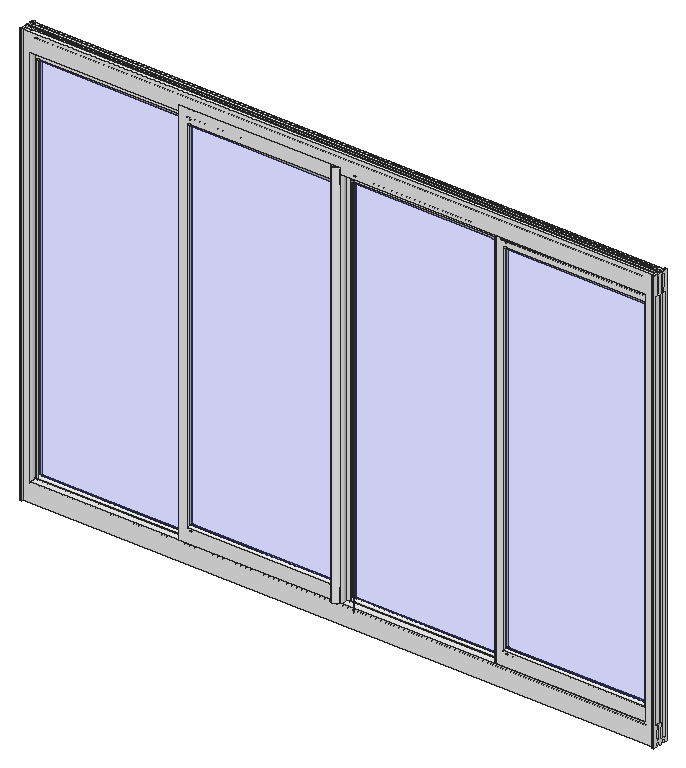
Revit family "DAL_A3-AGI-Sliding-Patio-With-Side-Panels-(4-Panels)3000mm", category Doors, host Wall, Revit 2016
Family settings
  Host = Wall
  Always vertical = Yes
  Cut with Voids When Loaded = No
  Shared = No
  Room Calculation Point = No
Parameters (values of type "AGI sliding patio with side panels (4 panels) 3000mm")
  URL = "http://www.agi.co.za/patioDoor1.htm"
  Panel 2 Width = (Width / 4) + 10 mm  # 760 mm
  Panel 2 Hieght = Height - 154 mm  # 1846 mm
  Panel 1 heigth = Height - 89 mm  # 1911 mm
  Panel 1 Width = Width / 4  # 750 mm
  Manufacturer = "AGI"
  Function = Interior
  Frame material = none
  Frame Projection Ext. = 25 mm
  Frame Projection Int. = 25 mm
  Frame Width = 75 mm
  Height = 2000 mm
  Wall Closure = By host
  Width = 3000 mm
Reference planes
  plane 1 "Centre(Exterior/Interior)": y = 0
  plane 2 "Center (Left/Right)": x = 0
  plane 3 "Left": x = -1500
  plane 4 "Right": x = 1500
  plane 5 "Top": z = 2000
  plane 6 "Exterior": y = 75
  plane 7 "Interior": y = -75
  plane 8: z = 25
  plane 9 "Panel top": z = 1936.037
  plane 10: x = -1490
  plane 11: x = 1490
  plane 12: z = 90
  plane 13: x = -750
  plane 14: x = 750
Forms (mm)
  Sweep 1, solid, material <- "Frame material", detail levels medium+fine
    path origin (0, 0, 0) x (1, 0, 0) y (0, 0, 1)
      loop
        line (1500, 0) -> (-1500, 0)
    profile "AGI SLIDING PATIO Base frame profile : AGI SLIDING PATIO Base frame profile" origin (0, 0, 0) x (0, 0, -1) y (0, -1, 0)
      loop
        line (-90, 32.5) -> (-90, -2.5) -> (-73.55, -2.5) -> (-73.55, 2.5) -> (-86, 2.5) -> (-86, 4.847) -> (-23.5, 4.847) -> (-23.5, -1) -> (-12.362, -1) -> (-12.362, 1) -> (-21, 1) -> (-21, 21.5) -> (-33.87, 21.5) -> (-33.87, 19) -> (-23.5, 19) -> (-23.5, 7.347) -> (-86, 7.347) -> (-86, 19) -> (-73.55, 19) -> (-65.757, 26.793) -> (-69.293, 26.793) -> (-74.586, 21.5) -> (-86, 21.5) -> (-86, 32.5) -> (-90, 32.5)
      loop
        line (-2, 22.5) -> (0, 22.5) -> (0, 32.5) -> (-85, 32.5) -> (-85, 22.5) -> (-75, 22.5) -> (-70, 27.5) -> (-20, 27.5) -> (-20, 3.847) -> (-18.194, 3.847)
        arc (-18.194, 3.847) -> (-10, 0) -> (-18.194, -3.847) r 5
        line (-18.194, -3.847) -> (-20, -3.847) -> (-19.131, -17.639) -> (-25, -17.639) -> (-25, -19.673) -> (-19.003, -19.673) -> (-18.352, -30) -> (-2, -30) -> (-2, -32.5) -> (0, -32.5) -> (0, -25) -> (-13.657, -25) -> (-14.603, -9.992)
        arc (-14.603, -9.992) -> (-8.146, -7.281) -> (-5.05, -1) r 10
        line (-5.05, -1) -> (0, -1) -> (0, 1) -> (-5.05, 1)
        arc (-5.05, 1) -> (-8.292, 7.416) -> (-15, 10) r 10
        line (-15, 10) -> (-15, 27.5) -> (-2, 27.5) -> (-2, 22.5)
  Sweep 2, solid, material <- "Frame material", detail levels medium+fine
    path origin (0, 0, 0) x (1, 0, 0) y (0, 0, 1)
      loop
        line (1500, 2000) -> (1500, 0)
    profile "AGI SLIDING PATIO side frame profile : AGI SLIDING PATIO side frame profile" origin (1500, 0, 1000) x (1, 0, 0) y (0, -1, 0)
      loop
        line (-10, -32.5) -> (-10, -37.5) -> (0, -37.5) -> (0, -32.5) -> (-2, -32.5) -> (-2, -35.5) -> (-5, -35.5) -> (-5, -11.015) -> (-2, -11.015) -> (-2, -6.015) -> (-5, -6.015) -> (-5, -2.5) -> (-2, -2.5) -> (-2, 2.5) -> (-5, 2.5) -> (-5, 35.5) -> (-2, 35.5) -> (-2, 32.5) -> (0, 32.5) -> (0, 37.5) -> (-10, 37.5) -> (-10, 32.5) -> (-40, 32.5) -> (-40, 27.5) -> (-10, 27.5) -> (-10, 2) -> (-8, 2) -> (-8, -2) -> (-10, -2) -> (-10, -27.5) -> (-37.71, -27.5) -> (-37.71, -26.5) -> (-11, -26.5) -> (-11, -24.5) -> (-36.319, -24.5)
        arc (-36.319, -24.5) -> (-38.09, -14) -> (-36.319, -3.5) r 32.018
        line (-36.319, -3.5) -> (-30.069, -3.5) -> (-30.069, -1) -> (-9, -1) -> (-9, 1) -> (-40, 1)
        arc (-40, 1) -> (-42.935, -15.75) -> (-40, -32.5) r 49.268
        line (-40, -32.5) -> (-10, -32.5)
  Sweep 3, solid, material <- "Frame material", detail levels medium+fine
    path origin (0, 0, 0) x (1, 0, 0) y (0, 0, 1)
      loop
        line (-1500, 2000) -> (1500, 2000)
    profile "AGI SLIDING PATIO Top frame profile : AGI SLIDING PATIO Top frame profile" origin (0, 0, 2000) x (0, 0, 1) y (0, -1, 0)
      loop
        line (0, 1.5) -> (-5, 1.5) -> (-5, 27.5) -> (-2, 27.5) -> (-2, 22.5) -> (0, 22.5) -> (0, 32.5) -> (-90, 32.5) -> (-90, 22.5) -> (-75, 22.5) -> (-75, 27.5) -> (-10, 27.5) -> (-10, 1.5) -> (-27.652, 1.5)
        arc (-27.652, 1.5) -> (-28.663, 4.011) -> (-30.5, 6) r 7.5
        line (-30.5, 6) -> (-27.08, 6) -> (-27.08, 2.18) -> (-11, 8) -> (-88, 8) -> (-88, 19.5) -> (-11, 19.5) -> (-27.08, 26.5) -> (-27.08, 21.5) -> (-90, 21.5) -> (-90, 6) -> (-39.5, 6)
        arc (-39.5, 6) -> (-41.337, 4.011) -> (-42.348, 1.5) r 7.5
        line (-42.348, 1.5) -> (-75, 1.5) -> (-75, 5) -> (-90, 5) -> (-90, -5) -> (-75, -5) -> (-75, -1.5) -> (-42.348, -1.5)
        arc (-42.348, -1.5) -> (-41.321, -4.036) -> (-39.453, -6.035) r 7.5
        line (-39.453, -6.035) -> (-36.781, -2.414)
        arc (-36.781, -2.414) -> (-35, 3) -> (-33.219, -2.414) r 3
        line (-33.219, -2.414) -> (-30.547, -6.035)
        arc (-30.547, -6.035) -> (-28.679, -4.036) -> (-27.652, -1.5) r 7.5
        line (-27.652, -1.5) -> (-10, -1.5) -> (-10, -27.5) -> (-75, -27.5) -> (-75, -22.5) -> (-90, -22.5) -> (-90, -32.5) -> (0, -32.5) -> (0, -22.5) -> (-2, -22.5) -> (-2, -27.5) -> (-5, -27.5) -> (-5, -1.5) -> (0, -1.5) -> (0, 1.5)
  Sweep 4, solid, material <- "Frame material", detail levels medium+fine
    path origin (0, 0, 0) x (1, 0, 0) y (0, 0, 1)
      loop
        line (-1500, 2000) -> (-1500, 0)
    profile "AGI SLIDING PATIO side frame profile : AGI SLIDING PATIO side frame profile" origin (-1500, 0, 1000) x (1, 0, 0) y (0, -1, 0)
      loop
        line (10, 32.5) -> (10, 37.5) -> (0, 37.5) -> (0, 32.5) -> (2, 32.5) -> (2, 35.5) -> (5, 35.5) -> (5, 11.015) -> (2, 11.015) -> (2, 6.015) -> (5, 6.015) -> (5, 2.5) -> (2, 2.5) -> (2, -2.5) -> (5, -2.5) -> (5, -35.5) -> (2, -35.5) -> (2, -32.5) -> (0, -32.5) -> (0, -37.5) -> (10, -37.5) -> (10, -32.5) -> (40, -32.5) -> (40, -27.5) -> (10, -27.5) -> (10, -2) -> (8, -2) -> (8, 2) -> (10, 2) -> (10, 27.5) -> (37.71, 27.5) -> (37.71, 26.5) -> (11, 26.5) -> (11, 24.5) -> (36.319, 24.5)
        arc (36.319, 24.5) -> (38.09, 14) -> (36.319, 3.5) r 32.018
        line (36.319, 3.5) -> (30.069, 3.5) -> (30.069, 1) -> (9, 1) -> (9, -1) -> (40, -1)
        arc (40, -1) -> (42.935, 15.75) -> (40, 32.5) r 49.268
        line (40, 32.5) -> (10, 32.5)
Cuts and joins
  joined: Sweep 1, Sweep 2, Sweep 3, Sweep 4
Lines and regions (mm)
  Opening 1
    outline origin (-3050, -75, 0) x (1, 0, 0) y (0, 0, 1)
      loop
        line (1550, 0) -> (4550, 0) -> (4550, 2000) -> (1550, 2000) -> (1550, 0)
  symbolic lines, style "Overhead line", detail levels coarse
    curve 1: line (-1500, 75, 0) -> (1500, 75, 0)
    curve 2: line (1500, -75, 0) -> (-1500, -75, 0)
  symbolic lines, style "DoorsPanelProjection"
    curve 3: line (-370, -75, 1074.44) -> (-575.98, -75, 1074.44)
    curve 4: line (-575.98, -75, 1074.44) -> (-547.696, -75, 1102.724)
    curve 5: line (-575.98, -75, 1074.44) -> (-547.696, -75, 1046.156)
    curve 6: line (370, -75, 1074.44) -> (232.5, -75, 1074.44)
  symbolic lines, style "Plan Swing"
    curve 7: line (148.819, -21.993, 0) -> (248.819, -21.993, 0)
    curve 8: line (248.819, -21.993, 0) -> (234.677, -36.135, 0)
    curve 9: line (248.819, -21.993, 0) -> (234.677, -7.851, 0)
    curve 10: line (-510.121, 18.647, 0) -> (-610.121, 18.647, 0)
    curve 11: line (-610.121, 18.647, 0) -> (-595.979, 32.79, 0)
    curve 12: line (-610.121, 18.647, 0) -> (-595.979, 4.505, 0)
  symbolic lines, style "DoorsPanelProjection", detail levels coarse
    curve 13: line (-1500, 14.5, 0) -> (-750, 14.5, 0)
    curve 14: line (-750, -19.5, 0) -> (0, -19.5, 0)
    curve 15: line (0, 19.5, 0) -> (750, 19.5, 0)
    curve 16: line (750, -14.5, 0) -> (1500, -14.5, 0)
  symbolic lines, style "Plan Swing", detail levels coarse
    curve 17: line (370, 0, 1074.44) -> (341.716, 0, 1102.724)
    curve 18: line (370, 0, 1074.44) -> (341.716, 0, 1046.156)
Text (mm)
  text "Exterior" at (-2295.016, 1099.543, 0), in view "Ref. Level"
  text "Exterior" at (0, 1615.38, 3698.081), in view "Left"
  text "Exterior" at (0, 1036.032, 3874.932), in view "Right"
Dimensions and locks
  equal spacing: plane 3 "Left", plane 13, plane 2 "Center (Left/Right)", plane 14, plane 4 "Right"
  "Width": plane 3 "Left" to plane 4 "Right"
  "Height": plane 5 "Top" to host wall
  host wall to plane 5 "Top" = 2000 mm  (x2)
  locked: plane 6 "Exterior" to host wall at 0
  locked: plane 7 "Interior" to host wall
  locked: level to plane 8 at 25
  locked: plane 3 "Left" to plane 10 at 10
  locked: plane 11 to plane 4 "Right" at 10
  locked: level to plane 12 at 90
  aligned and locked: plane 3 "Left" to Opening 1 sketch curve
  aligned and locked: plane 5 "Top" to Opening 1 sketch curve  (x2)
  aligned and locked: Opening 1 sketch curve to plane 4 "Right"
  aligned and locked: Opening 1 sketch curve to level
  aligned and locked: plane 1 "Centre(Exterior/Interior)" to host wall
  aligned and locked: level to Sweep 1 sketch curve
  aligned and locked: plane 4 "Right" to Sweep 1 sketch curve
  aligned and locked: plane 3 "Left" to Sweep 1 sketch curve
  aligned and locked: plane 4 "Right" to Sweep 2 sketch curve
  aligned and locked: plane 5 "Top" to Sweep 2 sketch curve
  aligned and locked: level to Sweep 2 sketch curve
  aligned and locked: plane 5 "Top" to Sweep 3 sketch curve
  aligned and locked: plane 4 "Right" to Sweep 3 sketch curve
  aligned and locked: plane 3 "Left" to Sweep 3 sketch curve
  aligned and locked: plane 3 "Left" to Sweep 4 sketch curve
  aligned and locked: plane 5 "Top" to Sweep 4 sketch curve
  aligned and locked: level to Sweep 4 sketch curve
  aligned and locked: nested 1 to plane 8
  aligned and locked: nested 1 to plane 10
  aligned and locked: plane 3 "Left" to curve 1
  aligned and locked: plane 4 "Right" to curve 1
  aligned and locked: plane 4 "Right" to curve 2
  aligned and locked: curve 2 to plane 7 "Interior"
  aligned and locked: plane 6 "Exterior" to curve 1
  aligned and locked: plane 13 to nested 2
  aligned and locked: nested 3 to plane 11
  aligned and locked: plane 12 to nested 3
  aligned and locked: nested 1 to cut or joined group of Sweep 1, Sweep 2, Sweep 3, Sweep 4
  aligned and locked: nested 3 to cut or joined group of Sweep 1, Sweep 2, Sweep 3, Sweep 4
  aligned and locked: nested 4 to plane 14
  aligned and locked: plane 11 to nested 3
  aligned and locked: plane 10 to nested 1
  aligned and locked: nested 4 to cut or joined group of Sweep 1, Sweep 2, Sweep 3, Sweep 4
  aligned and locked: plane 8 to nested 4
  aligned and locked: nested 2 to plane 12
  aligned and locked: plane 4 "Right" to curve 16
  aligned and locked: plane 14 to curve 16
  aligned and locked: plane 14 to curve 15
  aligned and locked: plane 2 "Center (Left/Right)" to curve 15
  aligned and locked: plane 2 "Center (Left/Right)" to curve 14
  aligned and locked: plane 13 to curve 14
  aligned and locked: plane 13 to curve 13
  aligned and locked: curve 13 to nested 1
  aligned and locked: curve 16 to nested 3
  aligned and locked: nested 4 to curve 15
  aligned and locked: curve 14 to nested 2
  aligned and locked: nested 4 to curve 6
  aligned and locked: nested 2 to curve 3
Automatic sketch dimensions
  curve 2 to plane 3 "Left" = 0 mm
  curve 12 to host wall = 18.647 mm
  plane 13 to curve 12 = 139.879 mm
  curve 11 to host wall = 32.79 mm
  curve 10 to curve 11 = 14.142 mm
  curve 12 to host wall = 4.505 mm
  curve 11 to curve 10 = 85.858 mm
  host wall to curve 7 = 21.993 mm
  plane 2 "Center (Left/Right)" to curve 7 = 148.819 mm
  host wall to curve 8 = 36.135 mm
  curve 7 to curve 8 = 85.858 mm
  host wall to curve 9 = 7.851 mm
  curve 9 to curve 8 = 0 mm
  curve 13 to plane 3 "Left" = 0 mm
  curve 5 to curve 3 = 177.696 mm
  curve 4 to curve 5 = 0 mm
  curve 5 to curve 5 = 28.284 mm  (x2)
  curve 5 to plane 9 "Panel top" = 889.882 mm
  curve 6 to curve 6 = 137.5 mm
  curve 6 to curve 3 = 0 mm
  plane 2 "Center (Left/Right)" to curve 17 = 341.716 mm
  curve 18 to curve 17 = 0 mm
  curve 18 to plane 9 "Panel top" = 889.882 mm
  curve 18 to curve 18 = 28.284 mm
  curve 17 to curve 17 = 28.284 mm
Nested families
  nested 1: "AGI sliding patio side i" at (-972.2, 14.5, 25), type "AGI sliding patio side i", detail levels medium+fine
    with Width 750 mm
  nested 2: "AGI sliding patio side II" at (-512.8, -19.5, 90) x (-1, 0, 0) z (0, 0, 1), type "AGI sliding patio side II", detail levels medium+fine
    with Width 760 mm
  nested 3: "AGI sliding patio side i" at (972.2, -14.5, 90) x (-1, 0, 0) z (0, 0, 1), type "AGI sliding patio side i 2", detail levels medium+fine
    with Width 750 mm, Height 1846 mm
  nested 4: "AGI sliding patio side II" at (512.8, 19.5, 25), type "AGI sliding patio side II 2", detail levels medium+fine
    with Width 760 mm, Height 1911 mm
Definition of nested family "AGI sliding patio side i"
  Parameters
    Width = 375 mm
    Height = 1911 mm
    Glass = none
    Frame = none
    Assembly Code = ""
  Reference planes
    plane 1 "Center (Front/Back)": y = 0
    plane 2: z = 0
    plane 3 "Center (Left/Right)": x = -142.8
    plane 4 "Right": x = 44.7
    plane 5 "Left": x = -330.3
    plane 6: z = 1911
    plane 7: z = 1846
    plane 8: z = 65
    plane 9 "PANEL": y = 2.5
    plane 10: x = -301.3
    plane 11: x = 15.7
  Forms (mm)
    Sweep 1, solid
      path origin (0, 0, 0) x (1, 0, 0) y (0, 1, 0)
        loop
          line (44.7, 0) -> (-330.3, 0)
      profile "AGI panel top & bottom profile : AGI panel top & bottom profile" origin (-142.8, 0, 0) x (0, -1, 0) y (0, 0, 1)
        loop
          line (13, 0) -> (13, 65)
          arc (13, 65) -> (9.925, 72.425) -> (2.5, 75.5) r 10.5
          line (2.5, 75.5) -> (2.5, 65) -> (5, 65) -> (5, 69.899)
          arc (5, 69.899) -> (7.19, 67.872) -> (8, 65) r 5.5
          line (8, 65) -> (8, 54.802) -> (3.867, 54.802)
          arc (3.867, 54.802) -> (0, 56.632) -> (-3.867, 54.802) r 5
          line (-3.867, 54.802) -> (-8, 54.802) -> (-8, 65)
          arc (-8, 65) -> (-7.19, 67.872) -> (-5, 69.899) r 5.5
          line (-5, 69.899) -> (-5, 65) -> (-2.5, 65) -> (-2.5, 75.5)
          arc (-2.5, 75.5) -> (-9.925, 72.425) -> (-13, 65) r 10.5
          line (-13, 65) -> (-13, 0) -> (-5, 0) -> (-5, 5) -> (-8, 5) -> (-8, 49.802) -> (-4.653, 49.802)
          arc (-4.653, 49.802) -> (-3.789, 48.369) -> (-2.5, 47.302) r 5
          line (-2.5, 47.302) -> (-0.948, 49.319)
          arc (-0.948, 49.319) -> (-0.168, 54.126) -> (1.25, 49.467) r 2.5
          line (1.25, 49.467) -> (2.5, 47.302)
          arc (2.5, 47.302) -> (3.789, 48.369) -> (4.653, 49.802) r 5
          line (4.653, 49.802) -> (8, 49.802) -> (8, 5) -> (5, 5) -> (5, 0) -> (13, 0)
    Sweep 2, solid
      path origin (0, 0, 0) x (1, 0, 0) y (0, 0, 1)
        loop
          line (-330.3, 1911) -> (44.7, 1911)
      profile "AGI panel top & bottom profile : AGI panel top & bottom profile" origin (-142.8, 0, 1911) x (0, 0, 1) y (0, -1, 0)
        loop
          line (0, 13) -> (-65, 13)
          arc (-65, 13) -> (-72.425, 9.925) -> (-75.5, 2.5) r 10.5
          line (-75.5, 2.5) -> (-65, 2.5) -> (-65, 5) -> (-69.899, 5)
          arc (-69.899, 5) -> (-67.872, 7.19) -> (-65, 8) r 5.5
          line (-65, 8) -> (-54.802, 8) -> (-54.802, 3.867)
          arc (-54.802, 3.867) -> (-56.632, 0) -> (-54.802, -3.867) r 5
          line (-54.802, -3.867) -> (-54.802, -8) -> (-65, -8)
          arc (-65, -8) -> (-67.872, -7.19) -> (-69.899, -5) r 5.5
          line (-69.899, -5) -> (-65, -5) -> (-65, -2.5) -> (-75.5, -2.5)
          arc (-75.5, -2.5) -> (-72.425, -9.925) -> (-65, -13) r 10.5
          line (-65, -13) -> (0, -13) -> (0, -5) -> (-5, -5) -> (-5, -8) -> (-49.802, -8) -> (-49.802, -4.653)
          arc (-49.802, -4.653) -> (-48.369, -3.789) -> (-47.302, -2.5) r 5
          line (-47.302, -2.5) -> (-49.319, -0.948)
          arc (-49.319, -0.948) -> (-54.126, -0.168) -> (-49.467, 1.25) r 2.5
          line (-49.467, 1.25) -> (-47.302, 2.5)
          arc (-47.302, 2.5) -> (-48.369, 3.789) -> (-49.802, 4.653) r 5
          line (-49.802, 4.653) -> (-49.802, 8) -> (-5, 8) -> (-5, 5) -> (0, 5) -> (0, 13)
    Sweep 3, solid
      path origin (0, 0, 0) x (1, 0, 0) y (0, 0, 1)
        loop
          line (-330.3, 1911) -> (-330.3, 0)
      profile "AGI panel side profile i : AGI panel side profile i" origin (-330.3, 0, 955.5) x (1, 0, 0) y (0, -1, 0)
        loop
          line (0, 13) -> (0, 8) -> (12, 8) -> (12, -8) -> (0, -8) -> (0, -13) -> (40, -13) -> (40, -8) -> (39, -8) -> (39, -2.5) -> (29, -2.5) -> (29, -5) -> (34, -5) -> (34, -8) -> (17, -8) -> (17, 8) -> (34, 8) -> (34, 5) -> (29, 5) -> (29, 2.5) -> (39, 2.5) -> (39, 8) -> (40, 8) -> (40, 13) -> (0, 13)
    Sweep 4, solid
      path origin (0, 0, 0) x (1, 0, 0) y (0, 0, 1)
        loop
          line (44.7, 1911) -> (44.7, 0)
      profile "AGI panel side profile st : AGI panel side profile st" origin (44.7, 0, 955.5) x (1, 0, 0) y (0, -1, 0)
        loop
          line (0.808, 8) -> (-13.241, 8) -> (-12, 6.759) -> (-12, -8) -> (-1.155, -8)
          arc (-1.155, -8) -> (1.377, -0.19) -> (0.808, 8) r 21.581
        loop
          arc (1.595, -13) -> (6.537, 2.438) -> (1.595, 17.875) r 26.581
          line (1.595, 17.875) -> (-12, 17.875) -> (0, 15) -> (0, 13) -> (-40, 13) -> (-40, 8) -> (-39, 8) -> (-39, 2.5) -> (-29, 2.5) -> (-29, 5) -> (-34, 5) -> (-34, 8) -> (-20, 8) -> (-17, 5) -> (-17, -8) -> (-34, -8) -> (-34, -5) -> (-29, -5) -> (-29, -2.5) -> (-39, -2.5) -> (-39, -8) -> (-40, -8) -> (-40, -13) -> (1.595, -13)
    Extrusion 5, solid, material <- "Glass"
      sketch origin (0, 2.5, 0) x (1, 0, 0) y (0, 0, 1)
        loop
          line (-301.3, 65) -> (15.7, 65) -> (15.7, 1846) -> (-301.3, 1846) -> (-301.3, 65)
      from 0 to 5
  Cuts and joins
    joined: Sweep 1, Sweep 2, Sweep 3, Sweep 4
  Dimensions and locks
    equal spacing: plane 5 "Left", plane 3 "Center (Left/Right)", plane 4 "Right"
    "Width": plane 5 "Left" to plane 4 "Right"
    "Height": plane 6 to plane 2
    locked: level to plane 8 at 65
    locked: plane 7 to plane 6 at 65
    locked: plane 5 "Left" to plane 10 at 29
    locked: plane 11 to plane 4 "Right" at 29
    aligned and locked: level to plane 2
    aligned and locked: Sweep 1 sketch curve to plane 1 "Center (Front/Back)"
    aligned and locked: plane 5 "Left" to Sweep 1 sketch curve
    aligned and locked: plane 4 "Right" to Sweep 1 sketch curve
    aligned and locked: Sweep 2 sketch curve to plane 6
    aligned and locked: plane 5 "Left" to Sweep 2 sketch curve
    aligned and locked: plane 4 "Right" to Sweep 2 sketch curve
    aligned and locked: Sweep 3 sketch curve to plane 5 "Left"
    aligned and locked: plane 6 to Sweep 3 sketch curve
    aligned and locked: plane 2 to Sweep 3 sketch curve
    aligned and locked: Sweep 4 sketch curve to plane 4 "Right"
    aligned and locked: plane 6 to Sweep 4 sketch curve
    aligned and locked: plane 2 to Sweep 4 sketch curve
    aligned and locked: Extrusion 5 sketch curve to plane 10
    aligned and locked: Extrusion 5 sketch curve to plane 7
    aligned and locked: Extrusion 5 sketch curve to plane 8
    aligned and locked: Extrusion 5 sketch curve to plane 11
Definition of nested family "AGI sliding patio side II"
  Parameters
    Width = 750 mm
    Height = 1846 mm
    Glass = none
    Frame = none
    Assembly Code = ""
  Reference planes
    plane 1 "Center (Front/Back)": y = 0
    plane 2: z = 0
    plane 3 "Center (Left/Right)": x = -142.8
    plane 4 "Right": x = 232.2
    plane 5 "Left": x = -517.8
    plane 6: z = 1846
    plane 7: z = 1781
    plane 8: z = 65
    plane 9 "PANEL": y = 2.5
    plane 10: x = -488.8
    plane 11: x = 203.2
  Forms (mm)
    Sweep 1, solid
      path origin (0, 0, 0) x (1, 0, 0) y (0, 1, 0)
        loop
          line (232.2, 0) -> (-517.8, 0)
      profile "AGI panel top & bottom profile : AGI panel top & bottom profile" origin (-142.8, 0, 0) x (0, -1, 0) y (0, 0, 1)
        loop
          line (13, 0) -> (13, 65)
          arc (13, 65) -> (9.925, 72.425) -> (2.5, 75.5) r 10.5
          line (2.5, 75.5) -> (2.5, 65) -> (5, 65) -> (5, 69.899)
          arc (5, 69.899) -> (7.19, 67.872) -> (8, 65) r 5.5
          line (8, 65) -> (8, 54.802) -> (3.867, 54.802)
          arc (3.867, 54.802) -> (0, 56.632) -> (-3.867, 54.802) r 5
          line (-3.867, 54.802) -> (-8, 54.802) -> (-8, 65)
          arc (-8, 65) -> (-7.19, 67.872) -> (-5, 69.899) r 5.5
          line (-5, 69.899) -> (-5, 65) -> (-2.5, 65) -> (-2.5, 75.5)
          arc (-2.5, 75.5) -> (-9.925, 72.425) -> (-13, 65) r 10.5
          line (-13, 65) -> (-13, 0) -> (-5, 0) -> (-5, 5) -> (-8, 5) -> (-8, 49.802) -> (-4.653, 49.802)
          arc (-4.653, 49.802) -> (-3.789, 48.369) -> (-2.5, 47.302) r 5
          line (-2.5, 47.302) -> (-0.948, 49.319)
          arc (-0.948, 49.319) -> (-0.168, 54.126) -> (1.25, 49.467) r 2.5
          line (1.25, 49.467) -> (2.5, 47.302)
          arc (2.5, 47.302) -> (3.789, 48.369) -> (4.653, 49.802) r 5
          line (4.653, 49.802) -> (8, 49.802) -> (8, 5) -> (5, 5) -> (5, 0) -> (13, 0)
    Sweep 2, solid
      path origin (0, 0, 0) x (1, 0, 0) y (0, 0, 1)
        loop
          line (-517.8, 1846) -> (232.2, 1846)
      profile "AGI panel top & bottom profile : AGI panel top & bottom profile" origin (-142.8, 0, 1846) x (0, 0, 1) y (0, -1, 0)
        loop
          line (0, 13) -> (-65, 13)
          arc (-65, 13) -> (-72.425, 9.925) -> (-75.5, 2.5) r 10.5
          line (-75.5, 2.5) -> (-65, 2.5) -> (-65, 5) -> (-69.899, 5)
          arc (-69.899, 5) -> (-67.872, 7.19) -> (-65, 8) r 5.5
          line (-65, 8) -> (-54.802, 8) -> (-54.802, 3.867)
          arc (-54.802, 3.867) -> (-56.632, 0) -> (-54.802, -3.867) r 5
          line (-54.802, -3.867) -> (-54.802, -8) -> (-65, -8)
          arc (-65, -8) -> (-67.872, -7.19) -> (-69.899, -5) r 5.5
          line (-69.899, -5) -> (-65, -5) -> (-65, -2.5) -> (-75.5, -2.5)
          arc (-75.5, -2.5) -> (-72.425, -9.925) -> (-65, -13) r 10.5
          line (-65, -13) -> (0, -13) -> (0, -5) -> (-5, -5) -> (-5, -8) -> (-49.802, -8) -> (-49.802, -4.653)
          arc (-49.802, -4.653) -> (-48.369, -3.789) -> (-47.302, -2.5) r 5
          line (-47.302, -2.5) -> (-49.319, -0.948)
          arc (-49.319, -0.948) -> (-54.126, -0.168) -> (-49.467, 1.25) r 2.5
          line (-49.467, 1.25) -> (-47.302, 2.5)
          arc (-47.302, 2.5) -> (-48.369, 3.789) -> (-49.802, 4.653) r 5
          line (-49.802, 4.653) -> (-49.802, 8) -> (-5, 8) -> (-5, 5) -> (0, 5) -> (0, 13)
    Extrusion 3, solid, material <- "Glass"
      sketch origin (0, 2.5, 0) x (1, 0, 0) y (0, 0, 1)
        loop
          line (-488.8, 65) -> (203.2, 65) -> (203.2, 1781) -> (-488.8, 1781) -> (-488.8, 65)
      from 0 to 5
    Sweep 4, solid
      path origin (0, 2.5, 0) x (1, 0, 0) y (0, 0, 1)
        loop
          line (-517.8, 1846) -> (-517.8, 0)
      profile "AGI panel side profile outside : AGI panel side profile outside" origin (-517.8, 2.5, 923) x (1, 0, 0) y (0, -1, 0)
        loop
          line (-0.808, -8) -> (13.241, -8) -> (12, -6.759) -> (12, 8) -> (1.155, 8)
          arc (1.155, 8) -> (-1.377, 0.19) -> (-0.808, -8) r 21.581
        loop
          line (0, -13) -> (40, -13) -> (40, -8) -> (39, -8) -> (39, -2.5) -> (29, -2.5) -> (29, -5) -> (34, -5) -> (34, -8) -> (20, -8) -> (17, -5) -> (17, 8) -> (34, 8) -> (34, 5) -> (29, 5) -> (29, 2.5) -> (39, 2.5) -> (39, 8) -> (40, 8) -> (40, 13)
          arc (40, 13) -> (34.524, 17.653) -> (35.292, 24.797) r 7.681
          arc (35.292, 24.797) -> (35.561, 27.542) -> (33.41, 29.269) r 2.898
          arc (33.41, 29.269) -> (13.321, 26.701) -> (-1.595, 13) r 33.416
          arc (-1.595, 13) -> (-6.537, -2.438) -> (-1.595, -17.875) r 26.581
          line (-1.595, -17.875) -> (12, -17.875) -> (0, -15) -> (0, -13)
        loop
          line (-0.437, 13) -> (37.286, 13)
          arc (37.286, 13) -> (33.195, 18.566) -> (34.463, 25.357) r 8.681
          arc (34.463, 25.357) -> (34.657, 27.114) -> (33.319, 28.269) r 1.899
          arc (33.319, 28.269) -> (14.045, 25.932) -> (-0.437, 13) r 32.416
    Sweep 5, solid
      path origin (0, 2.5, 0) x (1, 0, 0) y (0, 0, 1)
        loop
          line (232.2, 1846) -> (232.2, 0)
      profile "AGI panel side profile st : AGI panel side profile st" origin (232.2, 2.5, 923) x (1, 0, 0) y (0, -1, 0)
        loop
          arc (0.808, -5.5) -> (1.377, 2.69) -> (-1.155, 10.5) r 21.581
          line (-1.155, 10.5) -> (-12, 10.5) -> (-12, -4.259) -> (-13.241, -5.5) -> (0.808, -5.5)
        loop
          line (1.595, 15.5) -> (-40, 15.5) -> (-40, 10.5) -> (-39, 10.5) -> (-39, 5) -> (-29, 5) -> (-29, 7.5) -> (-34, 7.5) -> (-34, 10.5) -> (-17, 10.5) -> (-17, -2.5) -> (-20, -5.5) -> (-34, -5.5) -> (-34, -2.5) -> (-29, -2.5) -> (-29, 0) -> (-39, 0) -> (-39, -5.5) -> (-40, -5.5) -> (-40, -10.5) -> (0, -10.5) -> (0, -12.5) -> (-12, -15.375) -> (1.595, -15.375)
          arc (1.595, -15.375) -> (6.537, 0.062) -> (1.595, 15.5) r 26.581
  Cuts and joins
    joined: Sweep 1, Sweep 2, Sweep 4, Sweep 5
  Dimensions and locks
    equal spacing: plane 5 "Left", plane 3 "Center (Left/Right)", plane 4 "Right"
    "Width": plane 5 "Left" to plane 4 "Right"
    "Height": plane 6 to plane 2
    locked: level to plane 8 at 65
    locked: plane 7 to plane 6 at 65
    locked: plane 5 "Left" to plane 10 at 29
    locked: plane 11 to plane 4 "Right" at 29
    aligned and locked: level to plane 2
    aligned and locked: Sweep 1 sketch curve to plane 1 "Center (Front/Back)"
    aligned and locked: plane 5 "Left" to Sweep 1 sketch curve
    aligned and locked: plane 4 "Right" to Sweep 1 sketch curve
    aligned and locked: Sweep 2 sketch curve to plane 6
    aligned and locked: plane 5 "Left" to Sweep 2 sketch curve
    aligned and locked: plane 4 "Right" to Sweep 2 sketch curve
    aligned and locked: Extrusion 3 sketch curve to plane 10
    aligned and locked: Extrusion 3 sketch curve to plane 7
    aligned and locked: Extrusion 3 sketch curve to plane 8
    aligned and locked: Extrusion 3 sketch curve to plane 11
    aligned and locked: Sweep 4 sketch curve to plane 5 "Left"
    aligned and locked: plane 6 to Sweep 4 sketch curve
    aligned and locked: plane 2 to Sweep 4 sketch curve
    aligned and locked: Sweep 5 sketch curve to plane 4 "Right"
    aligned and locked: plane 6 to Sweep 5 sketch curve
    aligned and locked: plane 2 to Sweep 5 sketch curve
    aligned and locked: plane 11 to cut or joined group of Sweep 1, Sweep 2, Sweep 4, Sweep 5
  Automatic sketch dimensions
    Sweep 4 sketch curve to level = 0 mm
